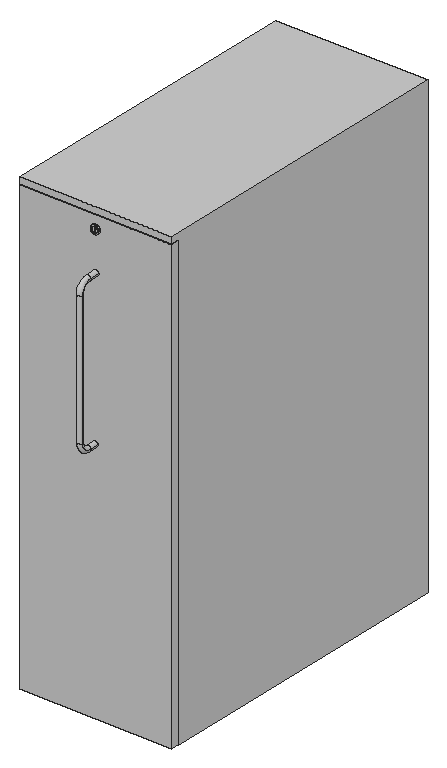
Revit family "Human_Solution-UPLIFT_Desk_Storage-STR012", category Furniture, Revit 2019
Family settings
  OmniClass Number = 23.40.20.00
  OmniClass Title = General Furniture and Specialties
  Work Plane-Based = No
  Always vertical = Yes
  Cut with Voids When Loaded = No
  Shared = No
  Room Calculation Point = No
Parameters (values of type "Storage STR012")
  Width = 15.06477"
  Unit = HMS - Aluminum
  URL = "https://www.thehumansolution.com/"
  Type Comments = "Storage"  # constant formula
  Salvage or Reuse = yes
  Percentage of Recycled Content = 0
  Model = "STR012"
  Material = ""
  Manufacturer = "Human Solution"  # constant formula
  Low Emitting Material = yes
  Low Emitting Finish = yes
  Keynote = "12500"
  Height = 44 1/2"
  Description = "Storage 15.5\"W 31.5\"D 44.5\"H"
  Depth = 31.37814"
  Assembly Code = "E2020200"
Reference planes (in)
  plane 1 "Center Front/Back": y = 11.69805
  plane 2: z = 0
  plane 3 "Center Left/Right": x = 0
  plane 4: x = -7.53239
  plane 5: x = 7.53239
  plane 6: y = -19.68008
  plane 7: y = -3.99102
  plane 8: z = 44.5
Forms (in)
  Sweep 1, solid, material "HMS - Aluminum" <- "Unit"
    path origin (0, 0, 0) x (1, 0, 0) y (0, 1, 0)
      loop
        line (7.53239, -3.99102) -> (6.90739, -3.99102)
    profile origin (7.21989, -3.99102, 0) x (0, -1, 0) y (0, 0, 1)
      loop
        line (15.81093, 45.27559) -> (-15.68907, 45.27559) -> (-15.68907, 0) -> (14.93593, 0) -> (14.93593, 44.65059) -> (15.81093, 44.65059) -> (15.81093, 45.27559)
  Sweep 2, solid, material "HMS - Aluminum" <- "Unit"
    path origin (0.06477, 0, 0) x (-1, 0, 0) y (0, 1, 0)
      loop
        line (7.53239, -3.99102) -> (6.90739, -3.99102)
    profile origin (-7.15511, -3.99102, 0) x (0, 1, 0) y (0, 0, 1)
      loop
        line (-15.81093, 45.27559) -> (-15.81093, 44.65059) -> (-14.93593, 44.65059) -> (-14.93593, 0) -> (15.68907, 0) -> (15.68907, 45.27559) -> (-15.81093, 45.27559)
  Extrusion 3, solid, material "HMS - Aluminum" <- "Unit"
    sketch origin (0, 0, 0) x (0, 1, 0) y (0, 0, 1)
      loop
        line (11.69805, 45.27559) -> (-19.80195, 45.27559) -> (-19.80195, 44.65059) -> (11.69805, 44.65059) -> (11.69805, 45.27559)
    from -6.84261 to 6.90739
  Sweep 4, solid, material "HMS - Aluminum" <- "Unit"
    path origin (0, 0, 0) x (0, 1, 0) y (0, 0, 1)
      loop
        line (-19.05195, 44.55217) -> (-19.80195, 44.55217)
    profile origin (0, -19.42695, 44.55217) x (0, 0, -1) y (1, 0, 0)
      loop
        line (0, 7.53239) -> (0, -7.46761) -> (44.48819, -7.46761) -> (44.48819, 7.53239) -> (0, 7.53239)
  Sweep 5, solid, material "HMS - Aluminum" <- "Unit"
    path origin (0, -0.86922, -0.18145) x (0, 1, 0) y (0, 0, 1)
      loop
        line (-18.92695, 39.58374) -> (-19.92734, 39.58374)
        arc (-19.92734, 39.58374) -> (-20.63445, 39.29085) -> (-20.92734, 38.58374) r 1
        line (-20.92734, 38.58374) -> (-20.92734, 25.52092)
        arc (-20.92734, 25.52092) -> (-20.63445, 24.81381) -> (-19.92734, 24.52092) r 1
        line (-19.92734, 24.52092) -> (-19.05195, 24.52092)
    profile origin (0, -21.79657, 31.87088) x (1, 0, 0) y (0, 1, 0)
      loop
        circle (0.03025, 0) r 0.25
  Revolve 6, solid, material "HMS - Aluminum" <- "Unit"
    sketch origin (0, 0, 0) x (0, 1, 0) y (0, 0, 1)
      loop
        line (-19.80195, 43.73413) -> (-19.8818, 43.73413) -> (-19.93974, 43.67618) -> (-19.93974, 43.60651) -> (-19.80195, 43.60651) -> (-19.80195, 43.73413)
      axis (-19.93974, 43.30082) -> (-19.80195, 43.30082)
    angle from 0 to 360
  Extrusion 7, solid, material "HMS - Aluminum" <- "Unit"
    sketch origin (0, 11.69805, 0) x (1, 0, 0) y (0, 0, 1)
      loop
        circle (0, 43.30082) r 0.30569
      loop
        line (0.07176, 43.45965) -> (-0.00698, 43.45965) -> (-0.00698, 43.10531) -> (0.07176, 43.10531) -> (0.07176, 43.45965)
    from 31.6378 to 31.5
  Extrusion 8, solid, material "HMS - Aluminum" <- "Unit"
    sketch origin (-7.46761, 11.69805, 45.27559) x (1, 0, 0) y (0, 0, -1)
      loop
        line (0.625, 0.625) -> (14.375, 0.625) -> (14.375, 45.27559) -> (0.625, 45.27559) -> (0.625, 0.625)
    from 0 to -1.42245
Cuts and joins
  joined: Sweep 1, Sweep 2, Extrusion 3, Extrusion 8
Lines and regions (in)
  symbolic lines
    curve 1: line (-7.46761, 11.69805, 0) -> (7.53239, 11.69805, 0)
    curve 2: line (-7.46761, -19.80195, 0) -> (-7.46761, 11.69805, 0)
    curve 3: line (7.53239, -19.80195, 0) -> (-7.46761, -19.80195, 0)
    curve 4: line (7.53239, 11.69805, 0) -> (7.53239, -19.80195, 0)
    curve 5: line (-0.37286, -19.93974, 0) -> (0.36666, -19.93974, 0)
    curve 6: line (-0.43303, -19.80195, 0) -> (-0.43303, -19.87957, 0)
    curve 7: line (-0.43303, -19.87957, 0) -> (-0.37286, -19.93974, 0)
    curve 8: line (0.43198, -19.80195, 0) -> (0.43198, -19.87442, 0)
    curve 9: line (0.43198, -19.87442, 0) -> (0.36666, -19.93974, 0)
    curve 10: line (-0.21756, -19.93974, 0) -> (-0.21756, -20.93207, 0)
    curve 11: line (0.28291, -19.93974, 0) -> (0.28291, -20.93207, 0)
    curve 12: arc (-0.21756, -20.93207, 0) -> (0.03268, -21.1823, 0) -> (0.28291, -20.93207, 0) r 0.25023
Dimensions and locks (in)
  "Width": plane 4 to plane 5
  "Depth": plane 6 to plane 1 "Center Front/Back"
  equal spacing: plane 4, plane 3 "Center Left/Right", plane 5
  equal spacing: plane 6, plane 7, plane 1 "Center Front/Back"
  locked: level to Sweep 4 sketch curve at 44.55217
  "Height": plane 8 to plane 2
  aligned and locked: level to plane 2
  aligned and locked: plane 7 to Sweep 1 sketch curve
  aligned and locked: Sweep 2 sketch curve to plane 7
  aligned and locked: Extrusion 3 to Sweep 2
  aligned and locked: Extrusion 3 to Sweep 1  (x4)
  aligned and locked: Sweep 1 to Extrusion 3
  aligned and locked: cut or joined group of Sweep 1, Sweep 2, Extrusion 3, Extrusion 8 to Extrusion 7
  aligned and locked: Revolve 6 to Extrusion 7
  aligned and locked: Extrusion 8 to cut or joined group of Sweep 1, Sweep 2, Extrusion 3, Extrusion 8
  aligned and locked: curve 1 to cut or joined group of Sweep 1, Sweep 2, Extrusion 3, Extrusion 8
  aligned and locked: curve 2 to cut or joined group of Sweep 1, Sweep 2, Extrusion 3, Extrusion 8
  aligned and locked: curve 3 to cut or joined group of Sweep 1, Sweep 2, Extrusion 3, Extrusion 8
  aligned and locked: curve 4 to cut or joined group of Sweep 1, Sweep 2, Extrusion 3, Extrusion 8
  aligned and locked: curve 5 to Revolve 6
Automatic sketch dimensions
  Sweep 1 sketch curve to plane 5 = 0"
  Sweep 1 sketch curve to plane 5 = 5/8"
  Sweep 1 sketch curve to level = 0"
  profile plane to Sweep 1 sketch curve = 15.68907"
  Sweep 1 sketch curve to profile plane = 14.93593"
  Sweep 1 sketch curve to Sweep 1 sketch curve = 7/8"
  level to Sweep 1 sketch curve = 44.65059"
  Sweep 1 sketch curve to Sweep 1 sketch curve = 5/8"
  Sweep 2 sketch curve to plane 4 = 0.06477"
  Sweep 2 sketch curve to plane 4 = 0.68977"
  Sweep 2 sketch curve to level = 0"
  profile plane to Sweep 2 sketch curve = 15.81093"
  profile plane to Sweep 2 sketch curve = 14.93593"
  Sweep 2 sketch curve to profile plane = 15.68907"
  level to Sweep 2 sketch curve = 44.65059"
  Sweep 2 sketch curve to Sweep 2 sketch curve = 5/8"
  Extrusion 3 sketch curve to plane 1 "Center Front/Back" = 0"
  Extrusion 3 sketch curve to plane 6 = 0.12186"
  Extrusion 3 sketch curve to Extrusion 3 sketch curve = 5/8"
  Sweep 4 sketch curve to plane 6 = 0.12186"
  plane 6 to Sweep 4 sketch curve = 0.62814"
  Sweep 4 sketch curve to profile plane = 0"
  Sweep 4 sketch curve to profile plane = 44.48819"
  plane 3 "Center Left/Right" to Sweep 4 sketch curve = 7.53239"
  Sweep 4 sketch curve to plane 3 "Center Left/Right" = 7.46761"
  Sweep 5 sketch curve to plane 6 = 2.11648"
  Sweep 5 sketch curve to plane 6 = 1.11648"  (x2)
  Sweep 5 sketch curve to Sweep 5 sketch curve = 13.06282"
  Sweep 5 sketch curve to plane 6 = 0.24109"
  Sweep 5 sketch curve to plane 6 = 0.11609"
  profile plane to Sweep 5 sketch curve = 0"
  plane 3 "Center Left/Right" to Sweep 5 sketch curve = 0.03025"
  Revolve 6 sketch curve to plane 6 = 0.25966"  (x2)
  Revolve 6 sketch curve to Revolve 6 sketch curve = 0.05795"
  Revolve 6 sketch curve to Revolve 6 sketch curve = 0.07985"
  Revolve 6 sketch curve to Revolve 6 sketch curve = 0.06967"
  Revolve 6 sketch curve to Revolve 6 sketch curve = 0.12762"
  Revolve 6 sketch curve to plane 6 = 0.12186"
  Revolve 6 sketch curve to Revolve 6 sketch curve = 0.30569"
  Extrusion 7 sketch curve to plane 3 "Center Left/Right" = 0"
  plane 3 "Center Left/Right" to Extrusion 7 sketch curve = 0.07176"
  Extrusion 7 sketch curve to Extrusion 7 sketch curve = 0.15883"
  Extrusion 7 sketch curve to plane 3 "Center Left/Right" = 0.00698"
  Extrusion 7 sketch curve to Extrusion 7 sketch curve = 0.1955"
  Sweep 2 to Extrusion 8 sketch curve = 0"
  Extrusion 8 sketch curve to Sweep 2 = 0"
  Sweep 2 to Extrusion 8 sketch curve = 5/8"
  Extrusion 8 sketch curve to Extrusion 8 sketch curve = 13 3/4"
  curve 6 to plane 6 = 0.19949"
  curve 6 to plane 3 "Center Left/Right" = 0.43303"
  curve 6 to curve 5 = 0.06017"
  curve 10 to plane 3 "Center Left/Right" = 0.21756"
  plane 3 "Center Left/Right" to curve 12 = 0.03268"
  curve 11 to curve 9 = 0.08375"
  curve 5 to curve 8 = 0.06532"
  curve 7 to curve 6 = 0.06017"
  curve 10 to curve 10 = 0.99232"
  curve 8 to curve 8 = 0.07247"
  level to Extrusion 3 sketch curve = 44.65059"
  level to Sweep 5 sketch curve = 24.33946"
  level to Revolve 6 sketch curve = 43.60651"
  level to Extrusion 7 sketch curve = 43.10531"
  radius of Sweep 5 sketch curve = 1/4"
  radius of Extrusion 7 sketch curve = 0.30569"
